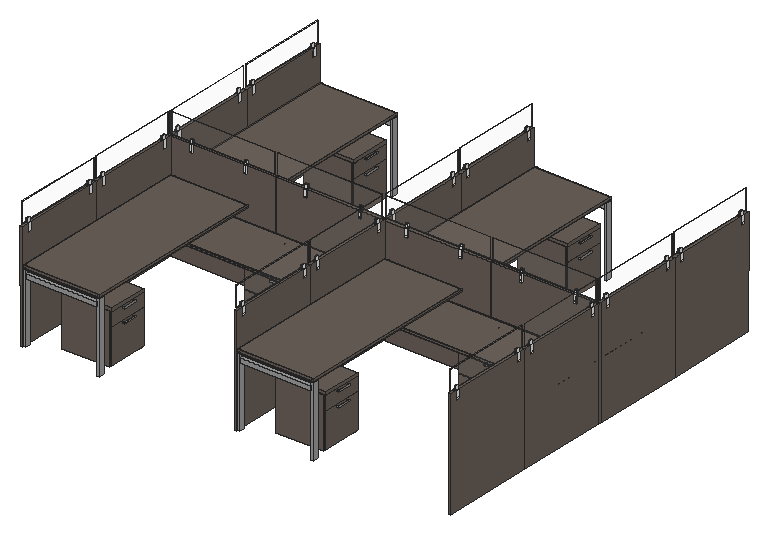
Revit family "OFS TYPICAL T200171", category Furniture, Revit 2022
Family settings
  OmniClass Number = 23.40.20.00
  OmniClass Title = General Furniture and Specialties
  Work Plane-Based = No
  Always vertical = Yes
  Cut with Voids When Loaded = No
  Render Appearance Source = Family Geometry
  Shared = No
  Room Calculation Point = No
Parameters (values of type "T200171")
  URL = "http://ofs.com/"
  Model = "T200171"
  Manufacturer = "OFS"
  Description = "OFS TYPICAL T200171"
  Default Elevation = 0' - 0"
  Copyright © = "©OFS 2024"
  Catalog = ""
  Authoring Version = "Autodesk Revit 2018"
  Assembly Code = "E2020200"
Reference planes (in)
  plane 1 "Center Front/Back": y = 0
  plane 2: z = 0
  plane 3 "Center Left/Right": x = 0
Dimensions and locks (in)
  aligned and locked: level to plane 2
Nested families (in)
  nested 1: "STAKS MOBILE PEDESTAL" at (-52.24965, -79.97711, 0) x (0, 1, 0) z (0, 0, 1), type "STAKS MOBILE PEDESTAL Finished Top"
  nested 2: "STAKS SUPPORT H LEG" at (-70.62465, -55, 0) x (0, 1, 0) z (0, 0, 1), type "STAKS SUPPORT H LEG 30"
  nested 3: "STAKS RECTANGULAR WORKSURFACES Long Grain" at (-90.55498, 1.33365, -6.375), type "STAKS RECTANGULAR WORKSURFACE 82.5 x 22"
    with Height Above Floor 2' - 5"
  nested 4: "STAKS RECTANGULAR WORKSURFACES Worksurface Height" at (-84.83365, -80.05498, -0.375) x (0, 1, 0) z (0, 0, 1), type "STAKS RECTANGULAR WORKSURFACE 72 x 30"
    with Height Above Floor 2' - 5"
  nested 5: "STAKS LOW HEIGHT PEDESTAL WIDE - BOX-FILE - NO RISER SUPPORT" at (-39.47711, -23.12535, 0), type "STAKS LOW HEIGHT PEDESTAL WIDE - BOX-FILE - NO RISER SUPPORT 36in W x 19in D"
  nested 6: "STAKS SPINE OR DIVIDER WALL 42in" at (-2.33365, -44.05498, 0) x (0, 1, 0) z (0, 0, 1), type "STAKS SPINE OR DIVIDER WALL 42in X 36in"
    with Height Above Floor 3' - 6"
  nested 7: "STAKS SPINE OR DIVIDER WALL 42in" at (-49.55498, 2.33365, 0), type "STAKS SPINE OR DIVIDER WALL 42in X 42in"
    with Height Above Floor 3' - 6"
  nested 8: "STAKS FROSTED ACRYLIC PRIVACY PANEL 8in" at (-46.5, -2.75035, -5.74742), type "STAKS FROSTED ACRYLIC PRIVACY PANEL 41in"
  nested 9: "STAKS BENCHING CANTILEVER WORKSURFACE BRACKET - OPEN" at (-29.75, -3.37535, -6.5), type "CANTILEVER WORKSURFACE BRACKET - OPEN 22in"
  nested 10: "STAKS BENCHING SADDLE BRACKET FOR PRIVACY PANEL - For Tackboards-Toolboards-Dry Eraser Boards" at (-58.45068, -2.20347, 15.50473), type "STAKS BENCHING SADDLE BRACKET FOR PRIVACY PANEL PVPBKT-2"
  nested 11: "STAKS SPINE OR DIVIDER WALL 42in" at (49.55498, 2.33365, 0) x (-1, 0, 0) z (0, 0, 1), type "STAKS SPINE OR DIVIDER WALL 42in X 42in"
    with Height Above Floor 3' - 6"
  nested 12: "STAKS SPINE OR DIVIDER WALL 42in" at (34.44502, 2.33365, 0), type "STAKS SPINE OR DIVIDER WALL 42in X 42in"
    with Height Above Floor 3' - 6"
  nested 13: "STAKS SPINE OR DIVIDER WALL 42in" at (-34.44502, 2.33365, 0) x (-1, 0, 0) z (0, 0, 1), type "STAKS SPINE OR DIVIDER WALL 42in X 42in"
    with Height Above Floor 3' - 6"
  nested 14: "STAKS SPINE OR DIVIDER WALL 42in" at (-2.33365, -28.94502, 0) x (0, -1, 0) z (0, 0, 1), type "STAKS SPINE OR DIVIDER WALL 42in X 36in"
    with Height Above Floor 3' - 6"
  nested 15: "STAKS SPINE OR DIVIDER WALL 42in" at (-2.33365, 44.05498, 0) x (0, -1, 0) z (0, 0, 1), type "STAKS SPINE OR DIVIDER WALL 42in X 36in"
    with Height Above Floor 3' - 6"
  nested 16: "STAKS SPINE OR DIVIDER WALL 42in" at (-2.33365, 28.94502, 0) x (0, 1, 0) z (0, 0, 1), type "STAKS SPINE OR DIVIDER WALL 42in X 36in"
    with Height Above Floor 3' - 6"
  nested 17: "STAKS SPINE OR DIVIDER WALL 42in" at (-81.16635, -44.05498, 0) x (0, 1, 0) z (0, 0, 1), type "STAKS SPINE OR DIVIDER WALL 42in X 36in"
    with Height Above Floor 3' - 6"
  nested 18: "STAKS SPINE OR DIVIDER WALL 42in" at (-81.16635, -28.94502, 0) x (0, -1, 0) z (0, 0, 1), type "STAKS SPINE OR DIVIDER WALL 42in X 36in"
    with Height Above Floor 3' - 6"
  nested 19: "STAKS SPINE OR DIVIDER WALL 42in" at (-81.16635, 44.05498, 0) x (0, -1, 0) z (0, 0, 1), type "STAKS SPINE OR DIVIDER WALL 42in X 36in"
    with Height Above Floor 3' - 6"
  nested 20: "STAKS SPINE OR DIVIDER WALL 42in" at (-81.16635, 28.94502, 0) x (0, 1, 0) z (0, 0, 1), type "STAKS SPINE OR DIVIDER WALL 42in X 36in"
    with Height Above Floor 3' - 6"
  nested 21: "STAKS SPINE OR DIVIDER WALL 42in" at (81.16635, -44.05498, 0) x (0, 1, 0) z (0, 0, 1), type "STAKS SPINE OR DIVIDER WALL 42in X 36in"
    with Height Above Floor 3' - 6"
  nested 22: "STAKS SPINE OR DIVIDER WALL 42in" at (81.16635, -28.94502, 0) x (0, -1, 0) z (0, 0, 1), type "STAKS SPINE OR DIVIDER WALL 42in X 36in"
    with Height Above Floor 3' - 6"
  nested 23: "STAKS SPINE OR DIVIDER WALL 42in" at (81.16635, 44.05498, 0) x (0, -1, 0) z (0, 0, 1), type "STAKS SPINE OR DIVIDER WALL 42in X 36in"
    with Height Above Floor 3' - 6"
  nested 24: "STAKS SPINE OR DIVIDER WALL 42in" at (81.16635, 28.94502, 0) x (0, 1, 0) z (0, 0, 1), type "STAKS SPINE OR DIVIDER WALL 42in X 36in"
    with Height Above Floor 3' - 6"
  nested 25: "STAKS RISER SUPPORT PANELS P _ T SHAPED" at (-63.62535, -4, 0) x (0, 1, 0) z (0, 0, 1), type "STAKS RISER SUPPORT PANEL P SHAPE 18 X 9.5"
  nested 26: "STAKS BENCHING CANTILEVER WORKSURFACE BRACKET - OPEN" at (-84.5, -3.37535, -6.5) x (-1, 0, 0) z (0, 0, 1), type "CANTILEVER WORKSURFACE BRACKET - OPEN 22in"
  nested 27: "STAKS BENCHING SADDLE BRACKET FOR PRIVACY PANEL - For Tackboards-Toolboards-Dry Eraser Boards" at (-70.29932, -2.20347, 15.50473) x (-1, 0, 0) z (0, 0, 1), type "STAKS BENCHING SADDLE BRACKET FOR PRIVACY PANEL PVPBKT-2"
  nested 28: "STAKS FROSTED ACRYLIC PRIVACY PANEL 8in" at (-37.5, -2.75035, -5.74742) x (-1, 0, 0) z (0, 0, 1), type "STAKS FROSTED ACRYLIC PRIVACY PANEL 41in"
  nested 29: "STAKS BENCHING SADDLE BRACKET FOR PRIVACY PANEL - For Tackboards-Toolboards-Dry Eraser Boards" at (-25.54932, -2.20347, 15.50473) x (-1, 0, 0) z (0, 0, 1), type "STAKS BENCHING SADDLE BRACKET FOR PRIVACY PANEL PVPBKT-2"
  nested 30: "STAKS BENCHING SADDLE BRACKET FOR PRIVACY PANEL - For Tackboards-Toolboards-Dry Eraser Boards" at (-13.70068, -2.20347, 15.50473), type "STAKS BENCHING SADDLE BRACKET FOR PRIVACY PANEL PVPBKT-2"
  nested 31: "STAKS FROSTED ACRYLIC PRIVACY PANEL 8in" at (46.5, -2.75035, -5.74742) x (-1, 0, 0) z (0, 0, 1), type "STAKS FROSTED ACRYLIC PRIVACY PANEL 41in"
  nested 32: "STAKS BENCHING SADDLE BRACKET FOR PRIVACY PANEL - For Tackboards-Toolboards-Dry Eraser Boards" at (58.45068, -2.20347, 15.50473) x (-1, 0, 0) z (0, 0, 1), type "STAKS BENCHING SADDLE BRACKET FOR PRIVACY PANEL PVPBKT-2"
  nested 33: "STAKS BENCHING SADDLE BRACKET FOR PRIVACY PANEL - For Tackboards-Toolboards-Dry Eraser Boards" at (70.29932, -2.20347, 15.50473), type "STAKS BENCHING SADDLE BRACKET FOR PRIVACY PANEL PVPBKT-2"
  nested 34: "STAKS FROSTED ACRYLIC PRIVACY PANEL 8in" at (37.5, -2.75035, -5.74742), type "STAKS FROSTED ACRYLIC PRIVACY PANEL 41in"
  nested 35: "STAKS BENCHING SADDLE BRACKET FOR PRIVACY PANEL - For Tackboards-Toolboards-Dry Eraser Boards" at (25.54932, -2.20347, 15.50473), type "STAKS BENCHING SADDLE BRACKET FOR PRIVACY PANEL PVPBKT-2"
  nested 36: "STAKS BENCHING SADDLE BRACKET FOR PRIVACY PANEL - For Tackboards-Toolboards-Dry Eraser Boards" at (13.70068, -2.20347, 15.50473) x (-1, 0, 0) z (0, 0, 1), type "STAKS BENCHING SADDLE BRACKET FOR PRIVACY PANEL PVPBKT-2"
  nested 37: "STAKS FROSTED ACRYLIC PRIVACY PANEL 8in" at (-80.74965, 71.09106, -5.73935) x (0, 1, 0) z (0, 0, 1), type "STAKS FROSTED ACRYLIC PRIVACY PANEL 35in"
  nested 38: "STAKS BENCHING SADDLE BRACKET FOR PRIVACY PANEL - For Tackboards-Toolboards-Dry Eraser Boards" at (-85.70347, 52.92681, 15.54074) x (0, -1, 0) z (0, 0, 1), type "STAKS BENCHING SADDLE BRACKET FOR PRIVACY PANEL PVPBKT-2"
  nested 39: "STAKS BENCHING SADDLE BRACKET FOR PRIVACY PANEL - For Tackboards-Toolboards-Dry Eraser Boards" at (-85.70347, 56.25531, 15.54074) x (0, 1, 0) z (0, 0, 1), type "STAKS BENCHING SADDLE BRACKET FOR PRIVACY PANEL PVPBKT-2"
  nested 40: "STAKS FROSTED ACRYLIC PRIVACY PANEL 8in" at (-80.74965, 1.90894, -5.73935) x (0, -1, 0) z (0, 0, 1), type "STAKS FROSTED ACRYLIC PRIVACY PANEL 35in"
  nested 41: "STAKS BENCHING SADDLE BRACKET FOR PRIVACY PANEL - For Tackboards-Toolboards-Dry Eraser Boards" at (-85.70347, 20.07319, 15.54074) x (0, 1, 0) z (0, 0, 1), type "STAKS BENCHING SADDLE BRACKET FOR PRIVACY PANEL PVPBKT-2"
  nested 42: "STAKS BENCHING SADDLE BRACKET FOR PRIVACY PANEL - For Tackboards-Toolboards-Dry Eraser Boards" at (-85.70347, 16.74469, 15.54074) x (0, -1, 0) z (0, 0, 1), type "STAKS BENCHING SADDLE BRACKET FOR PRIVACY PANEL PVPBKT-2"
  nested 43: "STAKS FROSTED ACRYLIC PRIVACY PANEL 8in" at (-80.74965, -71.09106, -5.73935) x (0, -1, 0) z (0, 0, 1), type "STAKS FROSTED ACRYLIC PRIVACY PANEL 35in"
  nested 44: "STAKS BENCHING SADDLE BRACKET FOR PRIVACY PANEL - For Tackboards-Toolboards-Dry Eraser Boards" at (-85.70347, -52.92681, 15.54074) x (0, 1, 0) z (0, 0, 1), type "STAKS BENCHING SADDLE BRACKET FOR PRIVACY PANEL PVPBKT-2"
  nested 45: "STAKS BENCHING SADDLE BRACKET FOR PRIVACY PANEL - For Tackboards-Toolboards-Dry Eraser Boards" at (-85.70347, -56.25531, 15.54074) x (0, -1, 0) z (0, 0, 1), type "STAKS BENCHING SADDLE BRACKET FOR PRIVACY PANEL PVPBKT-2"
  nested 46: "STAKS FROSTED ACRYLIC PRIVACY PANEL 8in" at (-80.74965, -1.90894, -5.73935) x (0, 1, 0) z (0, 0, 1), type "STAKS FROSTED ACRYLIC PRIVACY PANEL 35in"
  nested 47: "STAKS BENCHING SADDLE BRACKET FOR PRIVACY PANEL - For Tackboards-Toolboards-Dry Eraser Boards" at (-85.70347, -20.07319, 15.54074) x (0, -1, 0) z (0, 0, 1), type "STAKS BENCHING SADDLE BRACKET FOR PRIVACY PANEL PVPBKT-2"
  nested 48: "STAKS BENCHING SADDLE BRACKET FOR PRIVACY PANEL - For Tackboards-Toolboards-Dry Eraser Boards" at (-85.70347, -16.74469, 15.54074) x (0, 1, 0) z (0, 0, 1), type "STAKS BENCHING SADDLE BRACKET FOR PRIVACY PANEL PVPBKT-2"
  nested 49: "STAKS FROSTED ACRYLIC PRIVACY PANEL 8in" at (-2.75035, -71.12231, -5.73935) x (0, -1, 0) z (0, 0, 1), type "STAKS FROSTED ACRYLIC PRIVACY PANEL 35in"
  nested 50: "STAKS BENCHING SADDLE BRACKET FOR PRIVACY PANEL - For Tackboards-Toolboards-Dry Eraser Boards" at (2.20347, -52.95806, 15.54074) x (0, 1, 0) z (0, 0, 1), type "STAKS BENCHING SADDLE BRACKET FOR PRIVACY PANEL PVPBKT-2"
  nested 51: "STAKS BENCHING SADDLE BRACKET FOR PRIVACY PANEL - For Tackboards-Toolboards-Dry Eraser Boards" at (2.20347, -56.28656, 15.54074) x (0, -1, 0) z (0, 0, 1), type "STAKS BENCHING SADDLE BRACKET FOR PRIVACY PANEL PVPBKT-2"
  nested 52: "STAKS FROSTED ACRYLIC PRIVACY PANEL 8in" at (-2.75035, -1.94019, -5.73935) x (0, 1, 0) z (0, 0, 1), type "STAKS FROSTED ACRYLIC PRIVACY PANEL 35in"
  nested 53: "STAKS BENCHING SADDLE BRACKET FOR PRIVACY PANEL - For Tackboards-Toolboards-Dry Eraser Boards" at (2.20347, -20.10444, 15.54074) x (0, -1, 0) z (0, 0, 1), type "STAKS BENCHING SADDLE BRACKET FOR PRIVACY PANEL PVPBKT-2"
  nested 54: "STAKS BENCHING SADDLE BRACKET FOR PRIVACY PANEL - For Tackboards-Toolboards-Dry Eraser Boards" at (2.20347, -16.77594, 15.54074) x (0, 1, 0) z (0, 0, 1), type "STAKS BENCHING SADDLE BRACKET FOR PRIVACY PANEL PVPBKT-2"
  nested 55: "STAKS FROSTED ACRYLIC PRIVACY PANEL 8in" at (-2.75035, 71.12231, -5.73935) x (0, 1, 0) z (0, 0, 1), type "STAKS FROSTED ACRYLIC PRIVACY PANEL 35in"
  nested 56: "STAKS BENCHING SADDLE BRACKET FOR PRIVACY PANEL - For Tackboards-Toolboards-Dry Eraser Boards" at (2.20347, 52.95806, 15.54074) x (0, -1, 0) z (0, 0, 1), type "STAKS BENCHING SADDLE BRACKET FOR PRIVACY PANEL PVPBKT-2"
  nested 57: "STAKS BENCHING SADDLE BRACKET FOR PRIVACY PANEL - For Tackboards-Toolboards-Dry Eraser Boards" at (2.20347, 56.28656, 15.54074) x (0, 1, 0) z (0, 0, 1), type "STAKS BENCHING SADDLE BRACKET FOR PRIVACY PANEL PVPBKT-2"
  nested 58: "STAKS FROSTED ACRYLIC PRIVACY PANEL 8in" at (-2.75035, 1.94019, -5.73935) x (0, -1, 0) z (0, 0, 1), type "STAKS FROSTED ACRYLIC PRIVACY PANEL 35in"
  nested 59: "STAKS BENCHING SADDLE BRACKET FOR PRIVACY PANEL - For Tackboards-Toolboards-Dry Eraser Boards" at (2.20347, 20.10444, 15.54074) x (0, 1, 0) z (0, 0, 1), type "STAKS BENCHING SADDLE BRACKET FOR PRIVACY PANEL PVPBKT-2"
  nested 60: "STAKS BENCHING SADDLE BRACKET FOR PRIVACY PANEL - For Tackboards-Toolboards-Dry Eraser Boards" at (2.20347, 16.77594, 15.54074) x (0, -1, 0) z (0, 0, 1), type "STAKS BENCHING SADDLE BRACKET FOR PRIVACY PANEL PVPBKT-2"
  nested 61: "STAKS FROSTED ACRYLIC PRIVACY PANEL 8in" at (80.74965, -71.09106, -5.73935) x (0, -1, 0) z (0, 0, 1), type "STAKS FROSTED ACRYLIC PRIVACY PANEL 35in"
  nested 62: "STAKS BENCHING SADDLE BRACKET FOR PRIVACY PANEL - For Tackboards-Toolboards-Dry Eraser Boards" at (85.70347, -52.92681, 15.54074) x (0, 1, 0) z (0, 0, 1), type "STAKS BENCHING SADDLE BRACKET FOR PRIVACY PANEL PVPBKT-2"
  nested 63: "STAKS BENCHING SADDLE BRACKET FOR PRIVACY PANEL - For Tackboards-Toolboards-Dry Eraser Boards" at (85.70347, -56.25531, 15.54074) x (0, -1, 0) z (0, 0, 1), type "STAKS BENCHING SADDLE BRACKET FOR PRIVACY PANEL PVPBKT-2"
  nested 64: "STAKS FROSTED ACRYLIC PRIVACY PANEL 8in" at (80.74965, -1.90894, -5.73935) x (0, 1, 0) z (0, 0, 1), type "STAKS FROSTED ACRYLIC PRIVACY PANEL 35in"
  nested 65: "STAKS BENCHING SADDLE BRACKET FOR PRIVACY PANEL - For Tackboards-Toolboards-Dry Eraser Boards" at (85.70347, -20.07319, 15.54074) x (0, -1, 0) z (0, 0, 1), type "STAKS BENCHING SADDLE BRACKET FOR PRIVACY PANEL PVPBKT-2"
  nested 66: "STAKS BENCHING SADDLE BRACKET FOR PRIVACY PANEL - For Tackboards-Toolboards-Dry Eraser Boards" at (85.70347, -16.74469, 15.54074) x (0, 1, 0) z (0, 0, 1), type "STAKS BENCHING SADDLE BRACKET FOR PRIVACY PANEL PVPBKT-2"
  nested 67: "STAKS FROSTED ACRYLIC PRIVACY PANEL 8in" at (80.74965, 71.09106, -5.73935) x (0, 1, 0) z (0, 0, 1), type "STAKS FROSTED ACRYLIC PRIVACY PANEL 35in"
  nested 68: "STAKS BENCHING SADDLE BRACKET FOR PRIVACY PANEL - For Tackboards-Toolboards-Dry Eraser Boards" at (85.70347, 52.92681, 15.54074) x (0, -1, 0) z (0, 0, 1), type "STAKS BENCHING SADDLE BRACKET FOR PRIVACY PANEL PVPBKT-2"
  nested 69: "STAKS BENCHING SADDLE BRACKET FOR PRIVACY PANEL - For Tackboards-Toolboards-Dry Eraser Boards" at (85.70347, 56.25531, 15.54074) x (0, 1, 0) z (0, 0, 1), type "STAKS BENCHING SADDLE BRACKET FOR PRIVACY PANEL PVPBKT-2"
  nested 70: "STAKS FROSTED ACRYLIC PRIVACY PANEL 8in" at (80.74965, 1.90894, -5.73935) x (0, -1, 0) z (0, 0, 1), type "STAKS FROSTED ACRYLIC PRIVACY PANEL 35in"
  nested 71: "STAKS BENCHING SADDLE BRACKET FOR PRIVACY PANEL - For Tackboards-Toolboards-Dry Eraser Boards" at (85.70347, 20.07319, 15.54074) x (0, 1, 0) z (0, 0, 1), type "STAKS BENCHING SADDLE BRACKET FOR PRIVACY PANEL PVPBKT-2"
  nested 72: "STAKS BENCHING SADDLE BRACKET FOR PRIVACY PANEL - For Tackboards-Toolboards-Dry Eraser Boards" at (85.70347, 16.74469, 15.54074) x (0, -1, 0) z (0, 0, 1), type "STAKS BENCHING SADDLE BRACKET FOR PRIVACY PANEL PVPBKT-2"
  nested 73: "STAKS MOBILE PEDESTAL" at (-52.24965, 79.97711, 0) x (0, -1, 0) z (0, 0, 1), type "STAKS MOBILE PEDESTAL Finished Top"
  nested 74: "STAKS SUPPORT H LEG" at (-70.62465, 55, 0) x (0, -1, 0) z (0, 0, 1), type "STAKS SUPPORT H LEG 30"
  nested 75: "STAKS RECTANGULAR WORKSURFACES Long Grain" at (-90.55498, -1.33365, -6.375), type "STAKS RECTANGULAR WORKSURFACE 82.5 x 22"
    with Height Above Floor 2' - 5"
  nested 76: "STAKS RECTANGULAR WORKSURFACES Worksurface Height" at (-84.83365, 80.05498, -0.375) x (0, -1, 0) z (0, 0, 1), type "STAKS RECTANGULAR WORKSURFACE 72 x 30"
    with Height Above Floor 2' - 5"
  nested 77: "STAKS LOW HEIGHT PEDESTAL WIDE - BOX-FILE - NO RISER SUPPORT" at (-39.47711, 23.12535, 0), type "STAKS LOW HEIGHT PEDESTAL WIDE - BOX-FILE - NO RISER SUPPORT 36in W x 19in D"
  nested 78: "STAKS BENCHING CANTILEVER WORKSURFACE BRACKET - OPEN" at (-29.75, 3.37535, -6.5), type "CANTILEVER WORKSURFACE BRACKET - OPEN 22in"
  nested 79: "STAKS RISER SUPPORT PANELS P _ T SHAPED" at (-63.62535, 4, 0) x (0, -1, 0) z (0, 0, 1), type "STAKS RISER SUPPORT PANEL P SHAPE 18 X 9.5"
  nested 80: "STAKS BENCHING CANTILEVER WORKSURFACE BRACKET - OPEN" at (-84.5, 3.37535, -6.5) x (-1, 0, 0) z (0, 0, 1), type "CANTILEVER WORKSURFACE BRACKET - OPEN 22in"
  nested 81: "STAKS MOBILE PEDESTAL" at (31.25035, -79.97711, 0) x (0, 1, 0) z (0, 0, 1), type "STAKS MOBILE PEDESTAL Finished Top"
  nested 82: "STAKS SUPPORT H LEG" at (12.87535, -55, 0) x (0, 1, 0) z (0, 0, 1), type "STAKS SUPPORT H LEG 30"
  nested 83: "STAKS RECTANGULAR WORKSURFACES Long Grain" at (-7.05498, 1.33365, -6.375), type "STAKS RECTANGULAR WORKSURFACE 82.5 x 22"
    with Height Above Floor 2' - 5"
  nested 84: "STAKS RECTANGULAR WORKSURFACES Worksurface Height" at (-1.33365, -80.05498, -0.375) x (0, 1, 0) z (0, 0, 1), type "STAKS RECTANGULAR WORKSURFACE 72 x 30"
    with Height Above Floor 2' - 5"
  nested 85: "STAKS LOW HEIGHT PEDESTAL WIDE - BOX-FILE - NO RISER SUPPORT" at (44.02289, -23.12535, 0), type "STAKS LOW HEIGHT PEDESTAL WIDE - BOX-FILE - NO RISER SUPPORT 36in W x 19in D"
  nested 86: "STAKS BENCHING CANTILEVER WORKSURFACE BRACKET - OPEN" at (53.75, -3.37535, -6.5), type "CANTILEVER WORKSURFACE BRACKET - OPEN 22in"
  nested 87: "STAKS RISER SUPPORT PANELS P _ T SHAPED" at (19.87465, -4, 0) x (0, 1, 0) z (0, 0, 1), type "STAKS RISER SUPPORT PANEL P SHAPE 18 X 9.5"
  nested 88: "STAKS BENCHING CANTILEVER WORKSURFACE BRACKET - OPEN" at (-1, -3.37535, -6.5) x (-1, 0, 0) z (0, 0, 1), type "CANTILEVER WORKSURFACE BRACKET - OPEN 22in"
  nested 89: "STAKS MOBILE PEDESTAL" at (31.25035, 79.97711, 0) x (0, -1, 0) z (0, 0, 1), type "STAKS MOBILE PEDESTAL Finished Top"
  nested 90: "STAKS SUPPORT H LEG" at (12.87535, 55, 0) x (0, -1, 0) z (0, 0, 1), type "STAKS SUPPORT H LEG 30"
  nested 91: "STAKS RECTANGULAR WORKSURFACES Long Grain" at (-7.05498, -1.33365, -6.375), type "STAKS RECTANGULAR WORKSURFACE 82.5 x 22"
    with Height Above Floor 2' - 5"
  nested 92: "STAKS RECTANGULAR WORKSURFACES Worksurface Height" at (-1.33365, 80.05498, -0.375) x (0, -1, 0) z (0, 0, 1), type "STAKS RECTANGULAR WORKSURFACE 72 x 30"
    with Height Above Floor 2' - 5"
  nested 93: "STAKS LOW HEIGHT PEDESTAL WIDE - BOX-FILE - NO RISER SUPPORT" at (44.02289, 23.12535, 0), type "STAKS LOW HEIGHT PEDESTAL WIDE - BOX-FILE - NO RISER SUPPORT 36in W x 19in D"
  nested 94: "STAKS BENCHING CANTILEVER WORKSURFACE BRACKET - OPEN" at (53.75, 3.37535, -6.5), type "CANTILEVER WORKSURFACE BRACKET - OPEN 22in"
  nested 95: "STAKS RISER SUPPORT PANELS P _ T SHAPED" at (19.87465, 4, 0) x (0, -1, 0) z (0, 0, 1), type "STAKS RISER SUPPORT PANEL P SHAPE 18 X 9.5"
  nested 96: "STAKS BENCHING CANTILEVER WORKSURFACE BRACKET - OPEN" at (-1, 3.37535, -6.5) x (-1, 0, 0) z (0, 0, 1), type "CANTILEVER WORKSURFACE BRACKET - OPEN 22in"
Definition of nested family "STAKS MOBILE PEDESTAL"
  Parameters (values of type "STAKS MOBILE PEDESTAL Finished Top")
    Wheel Caster Material = none
    URL = "http://www.ofs.com/"
    Top Thickness = 0' - 1 1/8"
    Top Surface Material = none
    Surface = yes
    Riser Support = 0' - 0 1/2"
    Model = "6-1619MP7"
    Manufacturer = "OFS"
    Height = 1' - 8 1/4"
    Drawer Material = none
    Drawer Handle Width = 0' - 5 7/16"
    Drawer Handle Material = none
    Description = "OFS STAKS MOBILE PEDESTAL Finished Top, No Cushion"
    Width = 1' - 3 5/8"
    Depth = 1' - 7 1/4"
    Default Elevation = 0' - 0"
    DH2 = 0' - 6 1/2"
    DH1 = 1' - 2 3/8"
    Copyright © = "© 2018 OFS"
    Chasis Material = none
    Catalog = "https://ofs.com/products/casegoods/private-office/staks"
    Board Thickness = 0' - 0 3/4"
    Authoring Version = "Autodesk Revit Architecture 2013"
    Assembly Code = "E2020200"
  Types (2): name | Surface | Model | Description
    STAKS MOBILE PEDESTAL Finished Top | yes | "6-1619MP7" | "OFS STAKS MOBILE PEDESTAL Finished Top, No Cushion"
    STAKS MOBILE PEDESTAL Unfinished Top | no | "6-1619MP8" | "OFS STAKS MOBILE PEDESTAL Unfinished Top, Must use with Cushion"
  Reference planes (in)
    plane 1: z = 0
    plane 2 "Right": x = 20.97711
    plane 3: z = 20.125
    plane 4: z = 14.875
    plane 5: z = 14.75
    plane 6: z = 0.5
    plane 7: z = 14.5
    plane 8: z = 19.875
    plane 9: z = 14.031
    plane 10: z = 19.40625
    plane 11: x = 13.16461
    plane 12: y = 1.50035
    plane 13: y = 0.75035
    plane 14: x = 13.22711
    plane 15: x = 28.72661
    plane 16: x = 13.91461
    plane 17: y = 20.00035
    plane 18: x = 28.78961
    plane 19: x = 28.03961
    plane 20: x = 18.25836
    plane 21: x = 18.63336
    plane 22: x = 23.69586
    plane 23: x = 23.32086
    plane 24: y = -0.06215
    plane 25: y = -0.24965
    plane 26: z = 0.75
    plane 27: y = 19.25035
    plane 28: z = 1.25
    plane 29: z = 20.25
    plane 30: z = 21.375
    plane 31: z = 2.25
    plane 32: z = 3
  Forms (in)
    Extrusion 1, solid, material <- "Drawer Material"
      sketch origin (20.35211, 2.25, -7.68015) x (0, 1, 0) y (0, 0, 1)
        loop
          line (-1.49965, 27.80515) -> (-1.49965, 22.55515) -> (-0.74965, 22.55515) -> (-0.74965, 27.80515) -> (-1.49965, 27.80515)
      from -7.125 to 8.3745
    Extrusion 2, solid, material <- "Chasis Material"
      sketch origin (-3, -1.24965, 0) x (1, 0, 0) y (0, 0, 1)
        loop
          line (16.16461, 0.5) -> (16.91461, 0.5) -> (16.91461, 20.125) -> (16.16461, 20.125) -> (16.16461, 0.5)
      from -21.25 to -2.75
    Extrusion 3, solid, material <- "Chasis Material"
      sketch origin (19.35211, 31.02324, 0) x (0, 1, 0) y (0, 0, 1)
        loop
          line (-11.77289, 0.5) -> (-11.02289, 0.5) -> (-11.02289, 20.125) -> (-11.77289, 20.125) -> (-11.77289, 0.5)
      from -5.4375 to 8.6875
    Extrusion 4, solid, material <- "Drawer Handle Material"
      sketch origin (9, 0, 20.67137) x (1, 0, 0) y (0, 1, 0)
        loop
          line (9.25836, 0.75035) -> (9.25836, -0.24965) -> (14.69586, -0.24965) -> (14.69586, 0.75035) -> (14.32086, 0.75035) -> (14.32086, -0.06215) -> (9.63336, -0.06215) -> (9.63336, 0.75035) -> (9.25836, 0.75035)
      from -1.26512 to -0.79637
    Extrusion 5, solid, material <- "Chasis Material"
      sketch origin (0, 0, 0) x (1, 0, 0) y (0, 1, 0)
        loop
          line (28.78961, 20.00035) -> (28.03961, 20.00035) -> (28.03961, 1.50035) -> (28.78961, 1.50035) -> (28.78961, 20.00035)
      from 0.5 to 20.125
    Extrusion 6, solid, material <- "Chasis Material"
      sketch origin (-29.79592, -7.12465, 7.24693) x (1, 0, 0) y (0, 0, 1)
        loop
          line (43.71054, 12.15932) -> (57.83554, 12.15932) -> (57.83554, 12.87807) -> (43.71054, 12.87807) -> (43.71054, 12.15932)
      from -26.375 to -8.625
    Extrusion 7, solid, material <- "Chasis Material"
      sketch origin (-31.5409, -1.62465, -42.72261) x (1, 0, 0) y (0, 0, 1)
        loop
          line (45.45551, 44.97261) -> (59.58051, 44.97261) -> (59.58051, 45.72261) -> (45.45551, 45.72261) -> (45.45551, 44.97261)
      from -20.875 to -3.125
    Extrusion 8, solid
      sketch origin (0, 0, 0) x (1, 0, 0) y (0, 1, 0)
        loop
          line (28.72661, 20.00035) -> (28.03961, 20.00035) -> (28.03961, 1.50035) -> (28.72661, 1.50035) -> (28.72661, 20.00035)
        loop
          line (13.22711, 20.00035) -> (13.22711, 1.50035) -> (13.91461, 1.50035) -> (13.91461, 20.00035) -> (13.22711, 20.00035)
      from 20.125 to 20.25
    Extrusion 9, solid, material <- "Wheel Caster Material"
      sketch origin (-12.02289, 0, 0) x (0, 1, 0) y (0, 0, 1)
        loop
          circle (17.50791, 0.94006) r 0.94006
        loop
          arc (16.53801, 0.5) -> (17.50791, 2.00512) -> (18.47781, 0.5) r 1.06506
          line (18.47781, 0.5) -> (18.61362, 0.5)
          arc (18.61362, 0.5) -> (17.50791, 2.13012) -> (16.4022, 0.5) r 1.19006
          line (16.4022, 0.5) -> (16.53801, 0.5)
        loop
          circle (3.25244, 0.94006) r 0.94006
        loop
          arc (2.28254, 0.5) -> (3.25244, 2.00512) -> (4.22233, 0.5) r 1.06506
          line (4.22233, 0.5) -> (4.35815, 0.5)
          arc (4.35815, 0.5) -> (3.25244, 2.13012) -> (2.14673, 0.5) r 1.19006
          line (2.14673, 0.5) -> (2.28254, 0.5)
      from 26.37597 to 26.87077
    Extrusion 10, solid, material <- "Wheel Caster Material"
      sketch origin (-10.98383, 0, 0) x (0, 1, 0) y (0, 0, 1)
        loop
          circle (17.50791, 0.94006) r 0.94006
        loop
          arc (16.53801, 0.5) -> (17.50791, 2.00512) -> (18.47781, 0.5) r 1.06506
          line (18.47781, 0.5) -> (18.61362, 0.5)
          arc (18.61362, 0.5) -> (17.50791, 2.13012) -> (16.4022, 0.5) r 1.19006
          line (16.4022, 0.5) -> (16.53801, 0.5)
        loop
          circle (3.25244, 0.94006) r 0.94006
        loop
          arc (2.28254, 0.5) -> (3.25244, 2.00512) -> (4.22233, 0.5) r 1.06506
          line (4.22233, 0.5) -> (4.35815, 0.5)
          arc (4.35815, 0.5) -> (3.25244, 2.13012) -> (2.14673, 0.5) r 1.19006
          line (2.14673, 0.5) -> (2.28254, 0.5)
      from 26.37597 to 26.87077
    Extrusion 11, solid, material <- "Wheel Caster Material"
      sketch origin (53.97711, 0, 0) x (0, 1, 0) y (0, 0, -1)
        loop
          circle (17.50791, -0.94006) r 0.94006
        loop
          line (16.53801, -0.5) -> (16.4022, -0.5)
          arc (16.4022, -0.5) -> (17.50791, -2.13012) -> (18.61362, -0.5) r 1.19006
          line (18.61362, -0.5) -> (18.47781, -0.5)
          arc (18.47781, -0.5) -> (17.50791, -2.00512) -> (16.53801, -0.5) r 1.06506
        loop
          circle (3.25244, -0.94006) r 0.94006
        loop
          line (2.28254, -0.5) -> (2.14673, -0.5)
          arc (2.14673, -0.5) -> (3.25244, -2.13012) -> (4.35815, -0.5) r 1.19006
          line (4.35815, -0.5) -> (4.22233, -0.5)
          arc (4.22233, -0.5) -> (3.25244, -2.00512) -> (2.28254, -0.5) r 1.06506
      from 26.37597 to 26.87077
    Extrusion 12, solid, material <- "Wheel Caster Material"
      sketch origin (52.93805, 0, 0) x (0, 1, 0) y (0, 0, -1)
        loop
          circle (17.50791, -0.94006) r 0.94006
        loop
          line (16.53801, -0.5) -> (16.4022, -0.5)
          arc (16.4022, -0.5) -> (17.50791, -2.13012) -> (18.61362, -0.5) r 1.19006
          line (18.61362, -0.5) -> (18.47781, -0.5)
          arc (18.47781, -0.5) -> (17.50791, -2.00512) -> (16.53801, -0.5) r 1.06506
        loop
          circle (3.25244, -0.94006) r 0.94006
        loop
          line (2.28254, -0.5) -> (2.14673, -0.5)
          arc (2.14673, -0.5) -> (3.25244, -2.13012) -> (4.35815, -0.5) r 1.19006
          line (4.35815, -0.5) -> (4.22233, -0.5)
          arc (4.22233, -0.5) -> (3.25244, -2.00512) -> (2.28254, -0.5) r 1.06506
      from 26.37597 to 26.87077
    Extrusion 13, solid, material <- "Top Surface Material", visible <- "Surface"
      sketch origin (-25.91712, 0.87535, -18.36336) x (1, 0, 0) y (0, 0, 1)
        loop
          line (39.08173, 38.61336) -> (54.70673, 38.61336) -> (54.70673, 39.73836) -> (39.08173, 39.73836) -> (39.08173, 38.61336)
      from -19.125 to 0.125
    Extrusion 14, solid, material <- "Top Surface Material", visible <- "Surface"
      sketch origin (-25.91712, 0.87535, -24.36336) x (1, 0, 0) y (0, 0, 1)
        loop
          line (39.83173, 38.39436) -> (53.95673, 38.39436) -> (53.95673, 39.23836) -> (39.83173, 39.23836) -> (39.83173, 38.39436)
      from -18.375 to -0.625
    Extrusion 15, solid, material <- "Drawer Material"
      sketch origin (16.97736, 2.25, -16.30921) x (0, 1, 0) y (0, 0, 1)
        loop
          line (-1.49965, 31.05921) -> (-1.49965, 17.55921) -> (-0.74965, 17.55921) -> (-0.74965, 31.05921) -> (-1.49965, 31.05921)
      from -3.75025 to 11.74925
    Extrusion 16, solid, material <- "Drawer Handle Material"
      sketch origin (8.56588, 0, 18.20936) x (1, 0, 0) y (0, 1, 0)
        loop
          line (9.69248, 0.75035) -> (9.69248, -0.24965) -> (15.12998, -0.24965) -> (15.12998, 0.75035) -> (14.75498, 0.75035) -> (14.75498, -0.06215) -> (10.06748, -0.06215) -> (10.06748, 0.75035) -> (9.69248, 0.75035)
      from -4.17836 to -3.70936
  Dimensions and locks (in)
    "Board Thickness": plane 13 to plane 12
    locked: plane 11 to plane 14 at 0.0625
    "Board Thickness": plane 11 to plane 16
    locked: plane 15 to plane 18 at 0.063
    "Width": plane 11 to plane 18
    Extrusion 5 sketch curve to plane 18 = 0' - 0 3/4"
    "Board Thickness": plane 19 to plane 18
    equal spacing: plane 11, plane 2 "Right", plane 18
    locked: plane 20 to plane 21 at 0.375
    locked: plane 23 to plane 22 at 0.375
    equal spacing: plane 20, plane 2 "Right", plane 22
    "Drawer Handle Width": plane 20 to plane 22
    plane 25 to plane 24 to plane 13 = 0' - 0 3/16" locked, 0' - 0 13/16" locked
    "Riser Support": plane 6 to level
    "DH1": plane 4 to plane 6
    locked: plane 26 to plane 6 at 0.25
    "Board Thickness": plane 27 to plane 17
    "Depth": plane 13 to plane 17
    plane 4 to plane 5 to plane 7 to plane 9 = 0' - 0 1/8" locked, 0' - 0 1/4" locked, 0' - 0.469" locked
    plane 3 to plane 8 to plane 10 = 0' - 0 1/4" locked, 0' - 0 15/32" locked
    "Board Thickness": plane 28 to plane 6
    locked: plane 29 to plane 3 at 0.125
    "Top Thickness": plane 30 to plane 29
    "Height": plane 29 to level
    locked: plane 31 to plane 28 at 1
    locked: plane 32 to plane 31 at 0.75
    aligned and locked: level to plane 1
    aligned and locked: Extrusion 1 to plane 12
    aligned and locked: plane 13 to Extrusion 1
    aligned and locked: plane 15 to Extrusion 1
    aligned and locked: Extrusion 1 to plane 14
    aligned and locked: plane 12 to Extrusion 2
    aligned and locked: Extrusion 2 to plane 17
    aligned and locked: Extrusion 3 to plane 16
    aligned and locked: plane 16 to Extrusion 2
    aligned and locked: Extrusion 2 to plane 11
    aligned and locked: Extrusion 3 to plane 17
    aligned and locked: plane 19 to Extrusion 3
    aligned and locked: plane 3 to Extrusion 2
    aligned and locked: Extrusion 4 to plane 22
    aligned and locked: plane 23 to Extrusion 4
    aligned and locked: plane 21 to Extrusion 4
    aligned and locked: Extrusion 4 to plane 20
    aligned and locked: plane 24 to Extrusion 4
    aligned and locked: plane 3 to Extrusion 3
    aligned and locked: Extrusion 5 to plane 19
    aligned and locked: plane 3 to Extrusion 5
    aligned and locked: Extrusion 5 to plane 6
    aligned and locked: plane 3 to Extrusion 6
    aligned and locked: Extrusion 6 to plane 10
    aligned and locked: Extrusion 7 to plane 27
    aligned and locked: plane 12 to Extrusion 7
    aligned and locked: plane 19 to Extrusion 7
    aligned and locked: Extrusion 7 to plane 16
    aligned and locked: Extrusion 8 to plane 3
    aligned and locked: plane 29 to Extrusion 8
    aligned and locked: plane 3 to Extrusion 1
    aligned and locked: plane 8 to Extrusion 4
    aligned and locked: Extrusion 4 to plane 10
    aligned and locked: Extrusion 6 to plane 27
    aligned and locked: plane 12 to Extrusion 6
    aligned and locked: Extrusion 7 to plane 31
    aligned and locked: plane 32 to Extrusion 7
    aligned and locked: Extrusion 13 to plane 29
    aligned and locked: plane 30 to Extrusion 13
    aligned and locked: Extrusion 13 to plane 17
    aligned and locked: Extrusion 13 to plane 11
    aligned and locked: plane 18 to Extrusion 13
    aligned and locked: plane 13 to Extrusion 13
    aligned and locked: Extrusion 14 to plane 9
    aligned and locked: plane 4 to Extrusion 14
    aligned and locked: Extrusion 14 to plane 16
    aligned and locked: plane 19 to Extrusion 14
    aligned and locked: Extrusion 14 to plane 27
    aligned and locked: plane 12 to Extrusion 14
    aligned and locked: Extrusion 1 to plane 4
    aligned and locked: plane 5 to Extrusion 15
    aligned and locked: Extrusion 15 to plane 14
    aligned and locked: plane 15 to Extrusion 15
    aligned and locked: Extrusion 15 to plane 28
    aligned and locked: plane 21 to Extrusion 16
    aligned and locked: Extrusion 16 to plane 20
    aligned and locked: Extrusion 16 to plane 22
    aligned and locked: plane 23 to Extrusion 16
    aligned and locked: Extrusion 16 to plane 9
    aligned and locked: plane 7 to Extrusion 16
  Automatic sketch dimensions
    Extrusion 1 sketch curve to plane 3 = 0' - 0"
    Extrusion 1 sketch curve to plane 13 = 0' - 0"
    Extrusion 1 sketch curve to plane 4 = 0' - 0"
    Extrusion 1 sketch curve to plane 12 = 0' - 0"
    Extrusion 2 sketch curve to plane 6 = 0' - 0"
    Extrusion 2 sketch curve to plane 11 = 0' - 0"
    Extrusion 2 sketch curve to plane 3 = 0' - 0"
    Extrusion 2 sketch curve to plane 16 = 0' - 0"
    Extrusion 3 sketch curve to plane 6 = 0' - 0"
    Extrusion 3 sketch curve to plane 3 = 0' - 0"
    Extrusion 3 sketch curve to plane 17 = 0' - 0"
    plane 27 to Extrusion 3 sketch curve = 0' - 0"
    plane 13 to Extrusion 4 sketch curve = 0' - 0"  (x2)
    Extrusion 4 sketch curve to plane 20 = 0' - 0"
    Extrusion 4 sketch curve to plane 21 = 0' - 0"
    Extrusion 4 sketch curve to plane 23 = 0' - 0"
    Extrusion 4 sketch curve to plane 22 = 0' - 0"
    plane 25 to Extrusion 4 sketch curve = 0' - 0"
    plane 24 to Extrusion 4 sketch curve = 0' - 0"
    plane 12 to Extrusion 5 sketch curve = 0' - 0"
    Extrusion 5 sketch curve to plane 18 = 0' - 0"
    plane 17 to Extrusion 5 sketch curve = 0' - 0"
    Extrusion 6 sketch curve to plane 10 = 0' - 0"
    Extrusion 6 sketch curve to plane 16 = 0' - 0"
    Extrusion 6 sketch curve to plane 3 = 0' - 0"
    Extrusion 6 sketch curve to plane 19 = 0' - 0"
    Extrusion 7 sketch curve to plane 16 = 0' - 0"
    Extrusion 7 sketch curve to plane 19 = 0' - 0"
    Extrusion 7 sketch curve to plane 31 = 0' - 0"
    Extrusion 7 sketch curve to plane 32 = 0' - 0"
    plane 12 to Extrusion 8 sketch curve = 0' - 0"  (x2)
    Extrusion 8 sketch curve to plane 14 = 0' - 0"
    Extrusion 8 sketch curve to plane 16 = 0' - 0"
    plane 17 to Extrusion 8 sketch curve = 0' - 0"  (x2)
    Extrusion 8 sketch curve to plane 19 = 0' - 0"
    Extrusion 8 sketch curve to plane 15 = 0' - 0"
    Extrusion 9 sketch curve to Extrusion 9 sketch curve = 0' - 0"  (x12)
    Extrusion 9 sketch curve to plane 6 = 0' - 0"  (x6)
    Extrusion 9 sketch curve to plane 12 = 0' - 0.64638"
    Extrusion 9 sketch curve to Extrusion 9 sketch curve = 0' - 0.13581"  (x2)
    Extrusion 9 sketch curve to Extrusion 9 sketch curve = 0' - 1.93979"
    plane 27 to Extrusion 9 sketch curve = 0' - 2.84815"
    plane 26 to Extrusion 9 sketch curve = 0' - 0.19006"  (x2)
    Extrusion 9 sketch curve to Extrusion 9 sketch curve = 0' - 0.9699"
    Extrusion 10 sketch curve to Extrusion 10 sketch curve = 0' - 0"  (x12)
    Extrusion 10 sketch curve to plane 6 = 0' - 0"  (x6)
    Extrusion 10 sketch curve to plane 12 = 0' - 0.64638"
    Extrusion 10 sketch curve to Extrusion 10 sketch curve = 0' - 0.13581"  (x2)
    Extrusion 10 sketch curve to Extrusion 10 sketch curve = 0' - 1.93979"
    plane 27 to Extrusion 10 sketch curve = 0' - 2.84815"
    plane 26 to Extrusion 10 sketch curve = 0' - 0.19006"  (x2)
    Extrusion 10 sketch curve to Extrusion 10 sketch curve = 0' - 0.9699"
    Extrusion 11 sketch curve to Extrusion 11 sketch curve = 0' - 0"  (x12)
    Extrusion 11 sketch curve to plane 6 = 0' - 0"  (x6)
    Extrusion 11 sketch curve to plane 12 = 0' - 0.64638"
    Extrusion 11 sketch curve to Extrusion 11 sketch curve = 0' - 0.13581"  (x2)
    Extrusion 11 sketch curve to Extrusion 11 sketch curve = 0' - 1.93979"
    plane 27 to Extrusion 11 sketch curve = 0' - 2.84815"
    plane 26 to Extrusion 11 sketch curve = 0' - 0.19006"  (x2)
    Extrusion 11 sketch curve to Extrusion 11 sketch curve = 0' - 0.9699"
    Extrusion 12 sketch curve to Extrusion 12 sketch curve = 0' - 0"  (x12)
    Extrusion 12 sketch curve to plane 6 = 0' - 0"  (x6)
    Extrusion 12 sketch curve to plane 12 = 0' - 0.64638"
    Extrusion 12 sketch curve to Extrusion 12 sketch curve = 0' - 0.13581"  (x2)
    Extrusion 12 sketch curve to Extrusion 12 sketch curve = 0' - 1.93979"
    plane 27 to Extrusion 12 sketch curve = 0' - 2.84815"
    plane 26 to Extrusion 12 sketch curve = 0' - 0.19006"  (x2)
    Extrusion 12 sketch curve to Extrusion 12 sketch curve = 0' - 0.9699"
    Extrusion 13 sketch curve to plane 11 = 0' - 0"
    Extrusion 13 sketch curve to plane 18 = 0' - 0"
    Extrusion 13 sketch curve to plane 29 = 0' - 0"
    Extrusion 13 sketch curve to plane 30 = 0' - 0"
    Extrusion 14 sketch curve to plane 9 = 0' - 0"
    Extrusion 14 sketch curve to plane 16 = 0' - 0"
    Extrusion 14 sketch curve to plane 4 = 0' - 0"
    Extrusion 14 sketch curve to plane 19 = 0' - 0"
    Extrusion 15 sketch curve to plane 5 = 0' - 0"
    Extrusion 15 sketch curve to plane 13 = 0' - 0"
    Extrusion 15 sketch curve to plane 12 = 0' - 0"
    Extrusion 15 sketch curve to plane 28 = 0' - 0"
    plane 13 to Extrusion 16 sketch curve = 0' - 0"  (x2)
    plane 25 to Extrusion 16 sketch curve = 0' - 0"
    plane 24 to Extrusion 16 sketch curve = 0' - 0"
    Extrusion 16 sketch curve to plane 20 = 0' - 0"
    plane 20 to Extrusion 16 sketch curve = 0' - 0 3/8"
    plane 23 to Extrusion 16 sketch curve = 0' - 0"
    Extrusion 16 sketch curve to plane 23 = 0' - 0 3/8"
    radius of Extrusion 9 sketch curve = 0' - 0.94006"  (x2)
    radius of Extrusion 10 sketch curve = 0' - 0.94006"  (x2)
    radius of Extrusion 11 sketch curve = 0' - 0.94006"  (x2)
    radius of Extrusion 12 sketch curve = 0' - 0.94006"  (x2)
Definition of nested family "STAKS SUPPORT H LEG"
  Parameters (values of type "STAKS SUPPORT H LEG 36")
    URL = "http://www.ofs.com"
    H LEG WIDTH = 3' - 0"
    Model = "6-36HBA1"
    Manufacturer = "OFS"
    PANEL INSERT = no
    Description = "OFS STAKS SUPPORT H LEG 36\" Width, Use with 36\"D Worksurface (single base)"
    Default Elevation = 0' - 0"
    Copyright © = "©OFS 2018"
    Catalog = "https://ofs.com/products/casegoods/private-office/staks"
    Authoring Version = "Autodesk Revit Architecture 2013"
    Assembly Code = ""
  Types (6): name | H LEG WIDTH | Model | PANEL INSERT | Description
    STAKS SUPPORT H LEG 22 | 1' - 10" | "6-22HBA2" | no | "OFS STAKS SUPPORT H LEG 22\" Width, Use with 22\"D Worksurface (set of two)"
    STAKS SUPPORT H LEG 30 | 2' - 6" | "6-30HBA2" | no | "OFS STAKS SUPPORT H LEG 30\" Width, Use with 30\"D Worksurface (set of two)"
    STAKS SUPPORT H LEG 36 | 3' - 0" | "6-36HBA1" | no | "OFS STAKS SUPPORT H LEG 36\" Width, Use with 36\"D Worksurface (single base)"
    STAKS SUPPORT WITH PANEL INSERT H LEG 22 | 1' - 10" | "6-22HBPA2" | yes | "OFS STAKS SUPPORT WITH PANEL INSERT H LEG 22\" Width, Use with 22\"D Worksurface (set of two)"
    STAKS SUPPORT WITH PANEL INSERT H LEG 30 | 2' - 6" | "6-30HBPA2" | yes | "OFS STAKS SUPPORT WITH PANEL INSERT H LEG 30\" Width, Use with 30\"D Worksurface (set of two)"
    STAKS SUPPORT WITH PANEL INSERT H LEG 36 | 3' - 0" | "6-36HBPA1" | yes | "OFS STAKS SUPPORT WITH PANEL INSERT H LEG 36\" Width, Use with 36\"D Worksurface (single base)"
  Reference planes (in)
    plane 1: z = 0
    plane 2 "Center (Front/Back)": y = -2.62465
    plane 3 "Center (Left/Right)": x = -17.5
    plane 4 "H LEG TOP": z = 27.375
    plane 5: x = -15.5
    plane 6: x = -13.5
    plane 7: y = -20.62465
    plane 8: y = 15.37535
    plane 9: z = 27.181
    plane 10: y = 14.37535
    plane 11: y = -19.62465
    plane 12: z = 25.806
    plane 13: z = 23.806
    plane 14: x = -16.5
    plane 15: x = -15.75
    plane 16: z = 25.056
  Forms (in)
    Extrusion 1, solid
      sketch origin (0, 0, 27.375) x (0, -1, 0) y (1, 0, 0)
        loop
          line (-15.37535, -15.5) -> (-15.37535, -17.5) -> (20.62465, -17.5) -> (20.62465, -15.5) -> (19.62465, -15.5) -> (18.46995, -13.5) -> (-13.22065, -13.5) -> (-14.37535, -15.5) -> (-15.37535, -15.5)
      from -0.194 to 0
    Extrusion 2, solid
      sketch origin (0, 0, 27.375) x (0, -1, 0) y (1, 0, 0)
        loop
          line (-14.37535, -15.5) -> (-15.37535, -15.5) -> (-15.37535, -17.5) -> (-14.37535, -17.5) -> (-14.37535, -15.5)
      from -27.375 to -0.194
    Extrusion 3, solid
      sketch origin (0, 0, 27.375) x (0, -1, 0) y (1, 0, 0)
        loop
          line (19.62465, -17.5) -> (20.62465, -17.5) -> (20.62465, -15.5) -> (19.62465, -15.5) -> (19.62465, -17.5)
      from -27.375 to -0.194
    Extrusion 4, solid
      sketch origin (0, -1.24965, 0) x (1, 0, 0) y (0, 0, 1)
        loop
          line (-16.5, 25.806) -> (-17.5, 25.806) -> (-17.5, 23.806) -> (-16.5, 23.806) -> (-16.5, 25.806)
      from -15.625 to 18.375
    Extrusion 5, solid, visible <- "PANEL INSERT"
      sketch origin (0, -1.24965, 0) x (1, 0, 0) y (0, 0, 1)
        loop
          line (-15.75, 25.056) -> (-16.5, 25.056) -> (-16.5, 0) -> (-15.75, 0) -> (-15.75, 25.056)
      from -15.625 to 18.375
  Lines and regions (in)
    Masking region 1
      outline origin (0, 0, 27.375) x (0, -1, 0) y (1, 0, 0)
        loop
          line (19.62465, -15.5) -> (18.46995, -13.5) -> (-13.22065, -13.5) -> (-14.37535, -15.5) -> (-14.37535, -17.5) -> (19.62465, -17.5) -> (19.62465, -15.5)
    Masking region 2
      outline origin (0, 0, 27.375) x (0, -1, 0) y (1, 0, 0)
        loop
          line (-14.37535, -15.5) -> (-15.37535, -15.5) -> (-15.37535, -17.5) -> (-14.37535, -17.5) -> (-14.37535, -15.5)
    Masking region 3
      outline origin (0, 0, 27.375) x (0, -1, 0) y (1, 0, 0)
        loop
          line (20.62465, -15.5) -> (19.62465, -15.5) -> (19.62465, -17.5) -> (20.62465, -17.5) -> (20.62465, -15.5)
    Masking region 4, visible <- "PANEL INSERT"
      outline origin (0, 0, 27.375) x (0, -1, 0) y (1, 0, 0)
        loop
          line (-14.37535, -15.75) -> (-14.37535, -16.5) -> (19.62465, -16.5) -> (19.62465, -15.75) -> (-14.37535, -15.75)
  Dimensions and locks (in)
    locked: plane 4 "H LEG TOP" to plane 1 at 27.375
    plane 3 "Center (Left/Right)" to plane 5 to plane 6 = 0' - 2" locked, 0' - 2" locked
    equal spacing: plane 7, plane 2 "Center (Front/Back)", plane 8
    "H LEG WIDTH": plane 7 to plane 8
    locked: plane 4 "H LEG TOP" to plane 9 at 0.194
    locked: plane 10 to plane 8 at 1
    locked: plane 7 to plane 11 at 1
    locked: plane 9 to plane 12 at 1.375
    locked: plane 12 to plane 13 at 2
    locked: plane 14 to plane 3 "Center (Left/Right)" at 1
    locked: plane 9 to plane 16 at 2.125
    locked: plane 15 to plane 3 "Center (Left/Right)" at 1.75
    locked: Extrusion 1 sketch curve to Extrusion 1 sketch curve (angle 120.00°)  (x2)
    aligned and locked: level to plane 1
    aligned and locked: plane 9 to Extrusion 1
    aligned and locked: Extrusion 1 to plane 4 "H LEG TOP"
    aligned and locked: Extrusion 1 to plane 8
    aligned and locked: plane 7 to Extrusion 1
    aligned and locked: Extrusion 1 sketch curve to plane 3 "Center (Left/Right)"
    aligned and locked: Extrusion 1 sketch curve to plane 8
    aligned and locked: Extrusion 1 sketch curve to plane 5
    aligned and locked: Extrusion 1 sketch curve to plane 6
    aligned and locked: plane 5 to Extrusion 1 sketch curve
    aligned and locked: plane 7 to Extrusion 1 sketch curve
    aligned and locked: Extrusion 3 to plane 1
    aligned and locked: Extrusion 3 to plane 9
    aligned and locked: Extrusion 2 to plane 9
    aligned and locked: Extrusion 2 to plane 1
    aligned and locked: Extrusion 2 sketch curve to plane 8
    aligned and locked: plane 5 to Extrusion 2 sketch curve
    aligned and locked: Extrusion 2 sketch curve to plane 3 "Center (Left/Right)"
    aligned and locked: plane 10 to Extrusion 2 sketch curve
    aligned and locked: plane 7 to Extrusion 3 sketch curve
    aligned and locked: plane 5 to Extrusion 3 sketch curve
    aligned and locked: Extrusion 3 sketch curve to plane 11
    aligned and locked: Extrusion 3 sketch curve to plane 3 "Center (Left/Right)"
    aligned and locked: Extrusion 4 sketch curve to plane 12
    aligned and locked: plane 13 to Extrusion 4 sketch curve
    aligned and locked: Extrusion 4 sketch curve to plane 3 "Center (Left/Right)"
    aligned and locked: plane 14 to Extrusion 4 sketch curve
    aligned and locked: Extrusion 4 to plane 10
    aligned and locked: plane 11 to Extrusion 4
    aligned and locked: Extrusion 5 sketch curve to plane 16
    aligned and locked: Extrusion 5 sketch curve to plane 14
    aligned and locked: plane 15 to Extrusion 5 sketch curve
    aligned and locked: Extrusion 5 sketch curve to plane 1
    aligned and locked: Extrusion 5 to plane 16
    aligned and locked: Extrusion 5 to plane 1
    aligned and locked: plane 11 to Extrusion 5
    aligned and locked: Extrusion 5 to plane 10
  Automatic sketch dimensions
    Extrusion 1 sketch curve to Extrusion 1 sketch curve = 0' - 1"
    Extrusion 1 sketch curve to plane 7 = 0' - 1"
    Masking region 1 sketch curve to plane 5 = 0' - 0"  (x2)
    Masking region 1 sketch curve to plane 6 = 0' - 0"
    Masking region 1 sketch curve to plane 3 "Center (Left/Right)" = 0' - 0"
    plane 8 to Masking region 1 sketch curve = 0' - 1"
    plane 8 to Masking region 1 sketch curve = 0' - 2.1547"
    Masking region 1 sketch curve to plane 7 = 0' - 2.1547"
    Masking region 1 sketch curve to plane 7 = 0' - 1"
    plane 8 to Masking region 2 sketch curve = 0' - 0"
    Masking region 2 sketch curve to plane 3 "Center (Left/Right)" = 0' - 0"
    Masking region 2 sketch curve to plane 5 = 0' - 0"
    Masking region 2 sketch curve to Masking region 2 sketch curve = 0' - 1"
    Masking region 3 sketch curve to plane 3 "Center (Left/Right)" = 0' - 0"
    plane 7 to Masking region 3 sketch curve = 0' - 0"
    Masking region 3 sketch curve to plane 5 = 0' - 0"
    Masking region 3 sketch curve to plane 7 = 0' - 1"
    plane 10 to Masking region 4 sketch curve = 0' - 0"
    plane 11 to Masking region 4 sketch curve = 0' - 0"
    Masking region 4 sketch curve to plane 14 = 0' - 0"
    Masking region 4 sketch curve to plane 15 = 0' - 0"
Definition of nested family "STAKS RECTANGULAR WORKSURFACES Long Grain"
  Parameters (values of type "STAKS RECTANGULAR WORKSURFACE 15.625 x 22")
    URL = "http://www.ofs.com/"
    Height Above Floor [instance] = 2' - 5"
    Height = 0' - 1 1/8"
    Depth = 1' - 10"
    Model = "6-MCT-15.625/22"
    Manufacturer = "OFS"
    Description = "OFS STAKS 15.625 X 22 RECTANGULAR WORKSURFACE For Worksurface or Low Height Applications, Long Grain"
    Width = 1' - 3 5/8"
    Default Elevation = 0' - 0"
    Copyright © = "© 2018 OFS"
    Catalog = "https://ofs.com/products/casegoods/private-office/staks"
    Authoring Version = "Autodesk Revit Architecture 2013"
    Assembly Code = "E2020200"
  Types (26): name | Model | Description | Width
    STAKS RECTANGULAR WORKSURFACE 15.625 x 22 | "6-MCT-15.625/22" | "OFS STAKS 15.625 X 22 RECTANGULAR WORKSURFACE For Worksurface or Low Height Applications, Long Grain" | 1' - 3 5/8"
    STAKS RECTANGULAR WORKSURFACE 24 x 22 | "6-MCT-24/22" | "OFS STAKS 24 X 22 RECTANGULAR WORKSURFACE For Worksurface or Low Height Applications, Long Grain" | 2' - 0"
    STAKS RECTANGULAR WORKSURFACE 30 x 22 | "6-MCT-30/22" | "OFS STAKS 30 X 22 RECTANGULAR WORKSURFACE For Worksurface or Low Height Applications, Long Grain" | 2' - 6"
    STAKS RECTANGULAR WORKSURFACE 34 x 22 | "6-MCT-34/22" | "OFS STAKS 34 X 22 RECTANGULAR WORKSURFACE For Worksurface or Low Height Applications, Long Grain" | 2' - 10"
    STAKS RECTANGULAR WORKSURFACE 36 x 22 | "6-MCT-36/22" | "OFS STAKS 36 X 22 RECTANGULAR WORKSURFACE For Worksurface or Low Height Applications, Long Grain" | 3' - 0"
    STAKS RECTANGULAR WORKSURFACE 42 x 22 | "6-MCT-42/22" | "OFS STAKS 42 X 22 RECTANGULAR WORKSURFACE For Worksurface or Low Height Applications, Long Grain" | 3' - 6"
    STAKS RECTANGULAR WORKSURFACE 46 x 22 | "6-MCT-46/22" | "OFS STAKS 46 X 22 RECTANGULAR WORKSURFACE For Worksurface or Low Height Applications, Long Grain" | 3' - 10"
    STAKS RECTANGULAR WORKSURFACE 48 x 22 | "6-MCT-48/22" | "OFS STAKS 48 X 22 RECTANGULAR WORKSURFACE For Worksurface or Low Height Applications, Long Grain" | 4' - 0"
    STAKS RECTANGULAR WORKSURFACE 48.5 x 22 | "6-MCT-48.5/22" | "OFS STAKS 48.5 X 22 RECTANGULAR WORKSURFACE For Worksurface or Low Height Applications, Long Grain" | 4' - 0 1/2"
    STAKS RECTANGULAR WORKSURFACE 54 x 22 | "6-MCT-54/22" | "OFS STAKS 54 X 22 RECTANGULAR WORKSURFACE For Worksurface or Low Height Applications, Long Grain" | 4' - 6"
    STAKS RECTANGULAR WORKSURFACE 55.5 x 22 | "6-MCT-55.5/22" | "OFS STAKS 55.5 X 22 RECTANGULAR WORKSURFACE For Worksurface or Low Height Applications, Long Grain" | 4' - 7 1/2"
    STAKS RECTANGULAR WORKSURFACE 59 x 22 | "6-MCT-59/22" | "OFS STAKS 59 X 22 RECTANGULAR WORKSURFACE For Worksurface or Low Height Applications, Long Grain" | 4' - 11"
    STAKS RECTANGULAR WORKSURFACE 60 x 22 | "6-MCT-60/22" | "OFS STAKS 60 X 22 RECTANGULAR WORKSURFACE For Worksurface or Low Height Applications, Long Grain" | 5' - 0"
    STAKS RECTANGULAR WORKSURFACE 64 x 22 | "6-MCT-64/22" | "OFS STAKS 64 X 22 RECTANGULAR WORKSURFACE For Worksurface or Low Height Applications, Long Grain" | 5' - 4"
    STAKS RECTANGULAR WORKSURFACE 66 x 22 | "6-MCT-66/22" | "OFS STAKS 66 X 22 RECTANGULAR WORKSURFACE For Worksurface or Low Height Applications, Long Grain" | 5' - 6"
    STAKS RECTANGULAR WORKSURFACE 69.625 x 22 | "6-MCT-69.625/22" | "OFS STAKS 69.625 X 22 RECTANGULAR WORKSURFACE For Worksurface or Low Height Applications, Long Grain" | 5' - 9 5/8"
    STAKS RECTANGULAR WORKSURFACE 70.5 x 22 | "6-MCT-70.5/22" | "OFS STAKS 70.5 X 22 RECTANGULAR WORKSURFACE For Worksurface or Low Height Applications, Long Grain" | 5' - 10 1/2"
    STAKS RECTANGULAR WORKSURFACE 72 x 22 | "6-MCT-72/22" | "OFS STAKS 72 X 22 RECTANGULAR WORKSURFACE For Worksurface or Low Height Applications, Long Grain" | 6' - 0"
    STAKS RECTANGULAR WORKSURFACE 74 x 22 | "6-MCT-74/22" | "OFS STAKS 74 X 22 RECTANGULAR WORKSURFACE For Worksurface or Low Height Applications, Long Grain" | 6' - 2"
    STAKS RECTANGULAR WORKSURFACE 78 x 22 | "6-MCT-78/22" | "OFS STAKS 78 X 22 RECTANGULAR WORKSURFACE For Worksurface or Low Height Applications, Long Grain" | 6' - 6"
    STAKS RECTANGULAR WORKSURFACE 82.5 x 22 | "6-MCT-82.5/22" | "OFS STAKS 82.5 X 22 RECTANGULAR WORKSURFACE For Worksurface or Low Height Applications, Long Grain" | 6' - 10 1/2"
    STAKS RECTANGULAR WORKSURFACE 84 x 22 | "6-MCT-84/22" | "OFS STAKS 84 X 22 RECTANGULAR WORKSURFACE For Worksurface or Low Height Applications, Long Grain" | 7' - 0"
    STAKS RECTANGULAR WORKSURFACE 87.625 x 22 | "6-MCT-87.625/22" | "OFS STAKS 87.625 X 22 RECTANGULAR WORKSURFACE For Worksurface or Low Height Applications, Long Grain" | 7' - 3 5/8"
    STAKS RECTANGULAR WORKSURFACE 90 x 22 | "6-MCT-90/22" | "OFS STAKS 90 X 22 RECTANGULAR WORKSURFACE For Worksurface or Low Height Applications, Long Grain" | 7' - 6"
    STAKS RECTANGULAR WORKSURFACE 94 x 22 | "6-MCT-94/22" | "OFS STAKS 94 X 22 RECTANGULAR WORKSURFACE For Worksurface or Low Height Applications, Long Grain" | 7' - 10"
    STAKS RECTANGULAR WORKSURFACE 96 x 22 | "6-MCT-96/22" | "OFS STAKS 96 X 22 RECTANGULAR WORKSURFACE For Worksurface or Low Height Applications, Long Grain" | 8' - 0"
  Reference planes (in)
    plane 1: z = -0.125
    plane 2 "LEFT": x = 7.55498
    plane 3 "RIGHT": x = 23.17998
    plane 4 "BACK": y = -1.83365
    plane 5 "FRONT": y = -23.83365
    plane 6: x = 7.67998
    plane 7: x = 23.05498
    plane 8: y = -1.95865
    plane 9: y = -23.70865
    plane 10: z = 27.75
    plane 11 "SURFACE TOP": z = 28.875
  Forms (in)
    Extrusion 1, solid
      sketch origin (0, 0, 17.125) x (-1, 0, 0) y (0, -1, 0)
        loop
          line (-7.67998, 1.95865) -> (-7.67998, 23.70865) -> (-23.05498, 23.70865) -> (-23.05498, 1.95865) -> (-7.67998, 1.95865)
      from 11.75 to 10.625
    Sweep 2, solid
      path origin (0, 0, 28.875) x (0, 1, 0) y (-1, 0, 0)
        loop
          line (-23.83365, -7.55498) -> (-23.83365, -23.17998) -> (-1.83365, -23.17998) -> (-1.83365, -7.55498) -> (-23.83365, -7.55498)
      profile origin (15.36748, -23.83365, 28.875) x (0, 1, 0) y (0, 0, 1)
        loop
          arc (0.125, 0) -> (0.03661, -0.03661) -> (0, -0.125) r 0.125
          line (0, -0.125) -> (0, -1)
          arc (0, -1) -> (0.03661, -1.08839) -> (0.125, -1.125) r 0.125
          line (0.125, -1.125) -> (0.125, 0)
  Lines and regions (in)
    Masking region 1
      outline origin (0, 0, 16.625) x (-1, 0, 0) y (0, -1, 0)
        loop
          line (-7.67998, 1.95865) -> (-7.55498, 1.83365) -> (-7.55498, 23.83365) -> (-7.67998, 23.70865) -> (-7.67998, 1.95865)
    Masking region 2
      outline origin (0, 0, 16.625) x (-1, 0, 0) y (0, -1, 0)
        loop
          line (-7.55498, 1.83365) -> (-7.67998, 1.95865) -> (-23.05498, 1.95865) -> (-23.17998, 1.83365) -> (-7.55498, 1.83365)
    Masking region 3
      outline origin (0, 0, 16.625) x (-1, 0, 0) y (0, -1, 0)
        loop
          line (-23.17998, 1.83365) -> (-23.05498, 1.95865) -> (-23.05498, 23.70865) -> (-23.17998, 23.83365) -> (-23.17998, 1.83365)
    Masking region 4
      outline origin (0, 0, 16.625) x (-1, 0, 0) y (0, -1, 0)
        loop
          line (-23.17998, 23.83365) -> (-23.05498, 23.70865) -> (-7.67998, 23.70865) -> (-7.55498, 23.83365) -> (-23.17998, 23.83365)
    Masking region 5
      outline origin (0, 0, 16.625) x (-1, 0, 0) y (0, -1, 0)
        loop
          line (-23.05498, 23.70865) -> (-23.05498, 1.95865) -> (-7.67998, 1.95865) -> (-7.67998, 23.70865) -> (-23.05498, 23.70865)
  Dimensions and locks (in)
    "Depth": plane 4 "BACK" to plane 5 "FRONT"
    "Width": plane 2 "LEFT" to plane 3 "RIGHT"
    "Height": plane 11 "SURFACE TOP" to plane 10
    locked: plane 4 "BACK" to plane 8 at 0.125
    locked: plane 2 "LEFT" to plane 6 at 0.125
    locked: plane 7 to plane 3 "RIGHT" at 0.125
    locked: plane 9 to plane 5 "FRONT" at 0.125
    "Height Above Floor": plane 11 "SURFACE TOP" to level
    aligned: level to plane 1
    aligned and locked: plane 8 to Extrusion 1 sketch curve
    aligned and locked: Extrusion 1 sketch curve to plane 6
    aligned and locked: Extrusion 1 sketch curve to plane 9
    aligned and locked: plane 7 to Extrusion 1 sketch curve
    aligned and locked: plane 11 "SURFACE TOP" to Extrusion 1
    aligned and locked: Extrusion 1 to plane 10
    aligned and locked: Sweep 2 sketch curve to plane 5 "FRONT"
    aligned and locked: Sweep 2 sketch curve to plane 2 "LEFT"
    aligned and locked: plane 4 "BACK" to Sweep 2 sketch curve
    aligned and locked: plane 3 "RIGHT" to Sweep 2 sketch curve
  Automatic sketch dimensions
    Masking region 1 sketch curve to plane 6 = 0' - 0"
    Masking region 1 sketch curve to plane 2 "LEFT" = 0' - 0"
    Masking region 1 sketch curve to plane 4 "BACK" = 0' - 0"
    Masking region 1 sketch curve to plane 8 = 0' - 0"
    Masking region 1 sketch curve to plane 9 = 0' - 0"
    Masking region 1 sketch curve to plane 5 "FRONT" = 0' - 0"
    Masking region 2 sketch curve to plane 3 "RIGHT" = 0' - 0"
    Masking region 2 sketch curve to plane 7 = 0' - 0"
    Masking region 2 sketch curve to plane 6 = 0' - 0"
    Masking region 2 sketch curve to plane 2 "LEFT" = 0' - 0"
    Masking region 2 sketch curve to plane 4 "BACK" = 0' - 0"
    Masking region 2 sketch curve to plane 8 = 0' - 0"
    Masking region 3 sketch curve to plane 3 "RIGHT" = 0' - 0"
    Masking region 3 sketch curve to plane 7 = 0' - 0"
    Masking region 3 sketch curve to plane 4 "BACK" = 0' - 0"
    Masking region 3 sketch curve to plane 8 = 0' - 0"
    Masking region 3 sketch curve to plane 9 = 0' - 0"
    Masking region 3 sketch curve to plane 5 "FRONT" = 0' - 0"
    Masking region 4 sketch curve to plane 3 "RIGHT" = 0' - 0"
    Masking region 4 sketch curve to plane 7 = 0' - 0"
    Masking region 4 sketch curve to plane 6 = 0' - 0"
    Masking region 4 sketch curve to plane 2 "LEFT" = 0' - 0"
    Masking region 4 sketch curve to plane 9 = 0' - 0"
    Masking region 4 sketch curve to plane 5 "FRONT" = 0' - 0"
    Masking region 5 sketch curve to plane 7 = 0' - 0"
    Masking region 5 sketch curve to plane 6 = 0' - 0"
    Masking region 5 sketch curve to plane 8 = 0' - 0"
    Masking region 5 sketch curve to plane 9 = 0' - 0"
    Sweep 2 sketch curve to profile plane = 0' - 0"
    Sweep 2 sketch curve to plane 11 "SURFACE TOP" = 0' - 0"
    Sweep 2 sketch curve to profile plane = 0' - 0 1/8"
    Sweep 2 sketch curve to Sweep 2 sketch curve = 0' - 0 7/8"
Definition of nested family "STAKS RECTANGULAR WORKSURFACES Worksurface Height"
  Parameters (values of type "STAKS RECTANGULAR WORKSURFACE 54 x 30")
    URL = "http://www.ofs.com/"
    Height Above Floor [instance] = 2' - 5"
    Height = 0' - 1 1/8"
